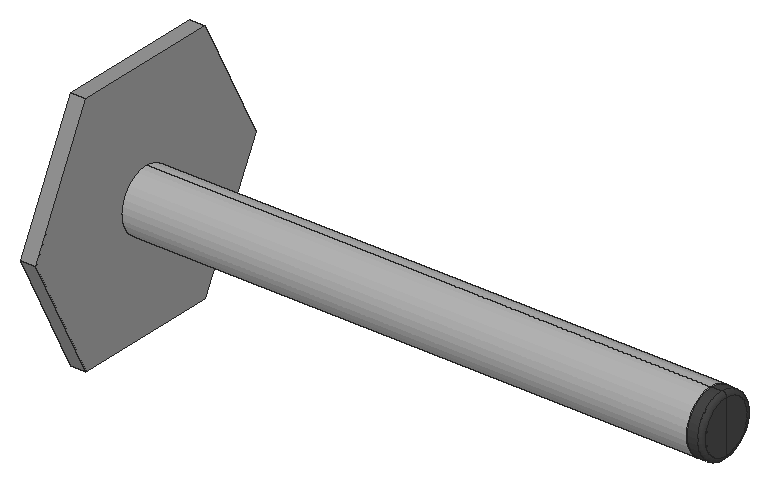
Revit family "Glidehylse_LD_16_Part_S_A4_p_i_t_4031209", category Generic Models, Revit 2019
Family settings
  Can host rebar = No
  Round Connector Dimension = Use Diameter
  Part Type = Normal
  Work Plane-Based = Yes
  Always vertical = No
  Cut with Voids When Loaded = No
  Shared = No
  Room Calculation Point = No
Parameters (values of type "LD16_Part_S_A4")
  Website Link = "https://haucon.dk/produkt/dorn-ld/#variations"
  Total Length = 195 mm
  Technical Data Sheet = "https://haucon.dk/wp-content/uploads/2018/02/TA-Dorn-LD-TI-DK.pdfhttps://haucon.dk/wp-content/uploads/2018/02/TA-Dorn-LD-TI-DK.pdf"
  Sleeve Inner Diameter = 17 mm
  Plastic Black = Plastic Black
  Plastic = PVC, Flexible
  Metal = Steel A4
  Hexagon Height = 5 mm
  Hexagon Diameter = 80 mm
  Elevation Height = 100 mm
  Default Elevation = 1219.2 mm
  Cap Height = 5 mm
Types (3, lengths in mm): name | Total Length | Technical Data Sheet | Sleeve Inner Diameter | Plastic
  (no name) | 195 | "https://haucon.dk/wp-content/uploads/2018/02/TA-Dorn-LD-TI-DK.pdfhttps://haucon.dk/wp-content/uploads/2018/02/TA-Dorn-LD-TI-DK.pdf" | 17 | PVC, Flexible
  LD16_Part_S_A4 | 195 | "https://haucon.dk/wp-content/uploads/2018/02/TA-Dorn-LD-TI-DK.pdfhttps://haucon.dk/wp-content/uploads/2018/02/TA-Dorn-LD-TI-DK.pdf" | 17 | PVC, Flexible
  LD20_Part_S_A4 | 220 | "https://haucon.dk/wp-content/uploads/2018/02/TA-Dorn-LD-TI-DK.pdf" | 21 | Plastic Blue
Reference planes
  plane 1 "Center (Front/Back)": y = 0
  plane 2: z = 0
  plane 3 "Center (Left/Right)": x = 0
  plane 4: x = 5
  plane 5: x = 190
  plane 6: x = 195
  plane 7: z = 100
  plane 8: z = 91.5
  plane 9: z = 108.5
  plane 10: through (0, 23.094, 142.714) normal (0, -0.8797, 0.4756)
  plane 11: through (0, -23.094, 142.714) normal (0, -0.8797, -0.4756)
Forms (mm)
  Revolve 1, solid, material "Steel A4" <- "Metal"
    sketch origin (0, 0, 92.286) x (0, 0, -1) y (1, 0, 0)
      loop
        line (-17.714, 5) -> (-16.214, 5) -> (-16.214, 190) -> (-17.714, 190) -> (-17.714, 5)
      axis (-7.714, 190) -> (-7.714, 5)
    angle from 0 to 360
  Revolve 2, solid, material "Plastic Black" <- "Plastic Black"
    sketch origin (0, 0, 89.786) x (0, 0, -1) y (1, 0, 0)
      loop
        line (-20.214, 190) -> (-18.714, 190) -> (-18.714, 193.5) -> (-10.214, 193.5) -> (-10.214, 195) -> (-18.753, 195)
        arc (-18.753, 195) -> (-19.786, 194.572) -> (-20.214, 193.539) r 1.461
        line (-20.214, 193.539) -> (-20.214, 190)
      axis (-10.214, 195) -> (-10.214, 190)
    angle from 0 to 360
  Extrusion 3, solid, material "PVC, Flexible" <- "Plastic"
    sketch origin (0, 0, -50) x (0, 1, 0) y (0, 0, 1)
      loop
        line (44.91, 150) -> (24.313, 190) -> (-24.476, 190) -> (-45.073, 150) -> (-24.476, 110) -> (24.313, 110) -> (44.91, 150)
    from 0 to 5
Dimensions and locks
  equal spacing: plane 9, plane 7, plane 8
  "Sleeve Inner Diameter": plane 9 to plane 8
  "Cap Height": plane 6 to plane 5
  "Hexagon Height": plane 4 to plane 3 "Center (Left/Right)"
  "Elevation Height": plane 7 to level
  "Total Length": plane 6 to plane 3 "Center (Left/Right)"
  locked: Extrusion 3 sketch curve to Extrusion 3 sketch curve at 80  (x3)
  aligned and locked: level to plane 2
  aligned and locked: Revolve 1 to plane 4
  aligned and locked: plane 9 to Revolve 1 sketch curve
  aligned and locked: plane 7 to Revolve 1 sketch curve
  aligned and locked: Revolve 2 sketch curve to plane 9
  aligned and locked: plane 7 to Revolve 2 sketch curve  (x2)
  aligned and locked: plane 5 to Revolve 2 sketch curve
  aligned and locked: Revolve 2 sketch curve to plane 6
  aligned and locked: Revolve 1 sketch curve to plane 5
  aligned and locked: Extrusion 3 to plane 7
Automatic sketch dimensions
  Revolve 2 sketch curve to Revolve 2 sketch curve = 0.711 mm
  Revolve 2 sketch curve to Revolve 2 sketch curve = 0.039 mm  (x2)
  Revolve 2 sketch curve to Revolve 2 sketch curve = 1.739 mm
  Revolve 2 sketch curve to Revolve 2 sketch curve = 1.461 mm
  Revolve 1 sketch curve to plane 4 = 0 mm
  Revolve 1 sketch curve to Revolve 1 sketch curve = 1.5 mm
  Revolve 1 sketch curve to plane 5 = 15.148 mm
  Revolve 1 sketch curve to plane 5 = 0.148 mm
  plane 7 to Extrusion 3 sketch curve = 0 mm
  Extrusion 3 sketch curve to plane 7 = 0 mm
  plane 1 "Center (Front/Back)" to Extrusion 3 sketch curve = 24.476 mm  (x2)
  Extrusion 3 sketch curve to Extrusion 3 sketch curve = 20.597 mm
